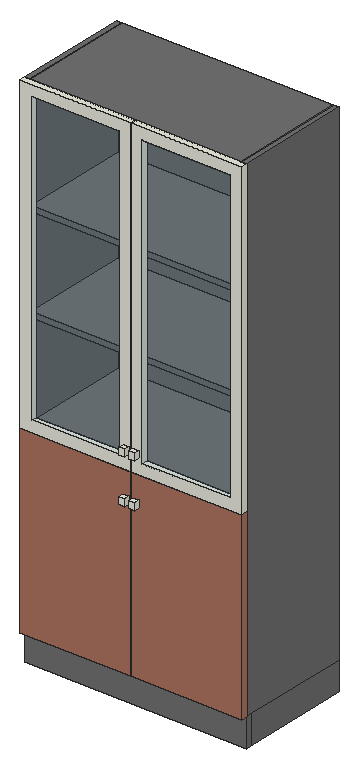
Revit family
Parameters
  하단도어 = Default wood 3
  프레임 = Default wood 4
  Width = 800 mm
  URL = ""
  Toe Kick Depth = 57.2 mm
  Model = ""
  Manufacturer = ""
  Height = 1890 mm
  Description = ""
  Depth = 415 mm
  Content Creator URL = "http://www.revitcity.com/profile.php?user_id=49309"
  Content Creator = "Tino \"Voron\""
  Assembly Code = ""
Reference planes
  plane 1 "Back": y = 0
  plane 2 "Center (Left/Right)": x = -105.759
  plane 3 "Left": x = -505.759
  plane 4 "Right": x = 294.241
  plane 5 "Front": y = -415
  plane 6 "Top of Casework": z = 1890
  plane 7 "Bottom Of Unit": z = 101.6
  plane 8: y = -19.05
  plane 9: x = -486.709
  plane 10: x = 275.191
  plane 11: z = 762.987
  plane 12: z = 1138.658
  plane 13: z = 1514.329
Forms (mm)
  Extrusion 1, solid, material "Default wood 4" <- "프레임"
    sketch origin (-505.759, 0, 0) x (0, -1, 0) y (0, 0, 1)
      loop
        line (0, 101.6) -> (415, 101.6) -> (415, 1890) -> (0, 1890) -> (0, 101.6)
    from -19.05 to 0
  Extrusion 2, solid, material "Default wood 4" <- "프레임"
    sketch origin (294.241, 0, 0) x (0, -1, 0) y (0, 0, 1)
      loop
        line (415, 1890) -> (0, 1890) -> (0, 101.6) -> (415, 101.6) -> (415, 1890)
    from 0 to 19.05
  Extrusion 3, solid, material "Default wood 4" <- "프레임"
    sketch origin (0, 0, 1890) x (0, -1, 0) y (1, 0, 0)
      loop
        line (0, -486.709) -> (415, -486.709) -> (415, 275.191) -> (0, 275.191) -> (0, -486.709)
    from -19.05 to 0
  Extrusion 4, solid, material "Default wood 4" <- "프레임"
    sketch origin (0, 0, 0) x (1, 0, 0) y (0, 0, 1)
      loop
        line (275.191, 1870.95) -> (-486.709, 1870.95) -> (-486.709, 0) -> (275.191, 0) -> (275.191, 1870.95)
    from 0 to 19.05
  Extrusion 5, solid, material "Default wood 2"
    sketch origin (-2.346, 0, -424.061) x (1, 0, 0) y (0, 1, 0)
      loop
        line (-484.363, -19.05) -> (-484.363, -415) -> (277.537, -415) -> (277.537, -19.05) -> (-484.363, -19.05)
    from 525.661 to 544.711
  Extrusion 6, solid, material "Default wood 4" <- "프레임"
    sketch origin (0, 0, 519.088) x (0, -1, 0) y (-1, 0, 0)
      loop
        line (19.05, 486.709) -> (19.05, -275.191) -> (415, -275.191) -> (415, 486.709) -> (19.05, 486.709)
    from -262.95 to -243.9
  Extrusion 7, solid, material "Default wood 4" <- "프레임"
    sketch origin (0, 0, 733.408) x (0, -1, 0) y (-1, 0, 0)
      loop
        line (19.05, 486.709) -> (19.05, -275.191) -> (415, -275.191) -> (415, 486.709) -> (19.05, 486.709)
    from -405.25 to -386.2
  Extrusion 8, solid, material "Default wood 4" <- "프레임"
    sketch origin (0, 0, 933.446) x (0, -1, 0) y (-1, 0, 0)
      loop
        line (19.05, 486.709) -> (19.05, -275.191) -> (415, -275.191) -> (415, 486.709) -> (19.05, 486.709)
    from -528.5 to -547.55
  Extrusion 9, solid, material "Default wood 4" <- "프레임"
    sketch origin (-505.759, 0, -857.25) x (0, -1, 0) y (0, 0, 1)
      loop
        line (0, 857.25) -> (395, 857.25) -> (395, 958.85) -> (0, 958.85) -> (0, 857.25)
    from -19.05 to 0
  Extrusion 10, solid, material "Default wood 4" <- "프레임"
    sketch origin (408.591, 0, -857.25) x (0, -1, 0) y (0, 0, 1)
      loop
        line (0, 857.25) -> (395, 857.25) -> (395, 958.85) -> (0, 958.85) -> (0, 857.25)
    from 114.35 to 133.4
  Extrusion 11, solid, material "Default wood 4" <- "프레임"
    sketch origin (-505.759, 17.15, 0) x (0, -1, 0) y (0, 0, 1)
      loop
        line (432.15, 101.6) -> (412.15, 101.6) -> (412.15, 0) -> (432.15, 0) -> (432.15, 101.6)
    from 0 to -800
  Extrusion 12, solid, material "Default wood 3" <- "하단도어"
    sketch origin (0, -435, 0) x (0, 0, -1) y (-1, 0, 0)
      loop
        line (-762.987, 505.759) -> (-762.987, 105.759) -> (-101.6, 105.759) -> (-101.6, 505.759) -> (-762.987, 505.759)
    from 0 to 20
  Extrusion 13, solid, material "플라스틱 백색"
    sketch origin (-389.264, -455, -424.264) x (0, 0, -1) y (-1, 0, 0)
      loop
        line (-1105.325, -255.492) -> (-1105.325, -275.191) -> (-1080.275, -275.191) -> (-1080.275, -255.492) -> (-1105.325, -255.492)
    from 0 to 20
  Extrusion 14, solid, material "Default wood 3" <- "하단도어"
    sketch origin (400, -435, 0) x (0, 0, -1) y (-1, 0, 0)
      loop
        line (-762.987, 505.759) -> (-762.987, 105.759) -> (-101.6, 105.759) -> (-101.6, 505.759) -> (-762.987, 505.759)
    from 0 to 20
  Extrusion 15, solid, material "플라스틱 백색"
    sketch origin (0, -435, 1227.013) x (0, 0, -1) y (-1, 0, 0)
      loop
        line (-662.987, 505.759) -> (-662.987, 105.759) -> (464.025, 105.759) -> (464.025, 505.759) -> (-662.987, 505.759)
      loop
        line (-622.987, 465.759) -> (-622.987, 145.759) -> (424.025, 145.759) -> (424.025, 465.759) -> (-622.987, 465.759)
    from 0 to 20
  Extrusion 16, solid, material "Glass"
    sketch origin (0, -635, 0) x (0, 0, -1) y (-1, 0, 0)
      loop
        line (-1850, 465.759) -> (-1850, 145.759) -> (-802.988, 145.759) -> (-802.988, 465.759) -> (-1850, 465.759)
    from 200 to 220
  Extrusion 17, solid, material "플라스틱 백색"
    sketch origin (-389.264, -455, -264.264) x (0, 0, -1) y (-1, 0, 0)
      loop
        line (-1105.325, -255.492) -> (-1105.325, -275.191) -> (-1080.275, -275.191) -> (-1080.275, -255.492) -> (-1105.325, -255.492)
    from 0 to 20
  Extrusion 18, solid, material "플라스틱 백색"
    sketch origin (-211.518, -435, 1227.013) x (0, 0, -1) y (-1, 0, 0)
      loop
        line (-662.987, -505.759) -> (464.025, -505.759) -> (464.025, -105.759) -> (-662.987, -105.759) -> (-662.987, -505.759)
      loop
        line (-622.987, -465.759) -> (424.025, -465.759) -> (424.025, -145.759) -> (-622.987, -145.759) -> (-622.987, -465.759)
    from 0 to 20
  Extrusion 19, solid, material "Glass"
    sketch origin (-211.518, -635, 0) x (0, 0, -1) y (-1, 0, 0)
      loop
        line (-1850, -465.759) -> (-802.988, -465.759) -> (-802.988, -145.759) -> (-1850, -145.759) -> (-1850, -465.759)
    from 200 to 220
  Extrusion 20, solid, material "플라스틱 백색"
    sketch origin (177.746, -455, -264.264) x (0, 0, -1) y (-1, 0, 0)
      loop
        line (-1105.325, 255.492) -> (-1080.275, 255.492) -> (-1080.275, 275.191) -> (-1105.325, 275.191) -> (-1105.325, 255.492)
    from 0 to 20
  Extrusion 21, solid, material "플라스틱 백색"
    sketch origin (177.746, -455, -424.264) x (0, 0, -1) y (-1, 0, 0)
      loop
        line (-1105.325, 255.492) -> (-1080.275, 255.492) -> (-1080.275, 275.191) -> (-1105.325, 275.191) -> (-1105.325, 255.492)
    from 0 to 20
Lines and regions (mm)
  symbolic lines
    curve 1: line (-505.759, 0, 0) -> (294.241, 0, 0)
    curve 2: line (-505.759, -415, 0) -> (-505.759, 0, 0)
    curve 3: line (294.241, -415, 0) -> (-505.759, -415, 0)
    curve 4: line (294.241, 0, 0) -> (294.241, -415, 0)
Dimensions and locks
  "Depth": plane 5 "Front" to plane 1 "Back"
  locked: Extrusion 5 to plane 7 "Bottom Of Unit" at 19.05
  locked: plane 1 "Back" to plane 8 at 19.05
  "Width": plane 3 "Left" to plane 4 "Right"
  equal spacing: plane 4 "Right", plane 2 "Center (Left/Right)", plane 3 "Left"
  locked: plane 7 "Bottom Of Unit" to level at 101.6
  locked: plane 3 "Left" to plane 9 at 19.05
  locked: plane 10 to plane 4 "Right" at 19.05
  Extrusion 11 to Extrusion 11 = 20 mm
  Extrusion 11 to Extrusion 2 = 101.6 mm
  Extrusion 11 to plane 5 "Front" = 0 mm
  "Height": plane 6 "Top of Casework" to level
  equal spacing: plane 6 "Top of Casework", plane 13, plane 12, plane 11
  aligned and locked: Extrusion 2 sketch curve to Extrusion 1
  aligned and locked: Extrusion 1 to Extrusion 2 sketch curve
  aligned and locked: Extrusion 4 sketch curve to Extrusion 2
  aligned and locked: Extrusion 4 sketch curve to Extrusion 3
  aligned and locked: Extrusion 1 to Extrusion 4 sketch curve
  aligned and locked: Extrusion 5 sketch curve to plane 5 "Front"
  aligned and locked: plane 5 "Front" to Extrusion 1 sketch curve
  aligned and locked: plane 5 "Front" to Extrusion 2 sketch curve
  aligned and locked: Extrusion 3 sketch curve to plane 5 "Front"
  aligned and locked: Extrusion 5 sketch curve to Extrusion 1
  aligned and locked: Extrusion 2 to Extrusion 5 sketch curve
  aligned and locked: Extrusion 3 sketch curve to Extrusion 1
  aligned and locked: Extrusion 3 sketch curve to Extrusion 2
  aligned and locked: Extrusion 6 sketch curve to Extrusion 5
  aligned and locked: Extrusion 7 sketch curve to Extrusion 5
  aligned and locked: Extrusion 8 sketch curve to Extrusion 5
  aligned and locked: Extrusion 1 to plane 7 "Bottom Of Unit"
  aligned and locked: Extrusion 2 to plane 7 "Bottom Of Unit"
  aligned and locked: Extrusion 1 to plane 3 "Left"
  aligned and locked: Extrusion 2 to plane 4 "Right"
  aligned and locked: plane 7 "Bottom Of Unit" to Extrusion 10
  aligned and locked: plane 10 to Extrusion 8
  aligned and locked: plane 10 to Extrusion 7
  aligned and locked: Extrusion 6 to plane 10
  aligned and locked: Extrusion 5 to plane 10
  aligned and locked: Extrusion 7 to plane 9
  aligned and locked: plane 9 to Extrusion 6
  aligned and locked: plane 9 to Extrusion 5
  aligned and locked: plane 3 "Left" to Extrusion 9
  aligned and locked: Extrusion 9 to plane 9
  aligned and locked: Extrusion 10 to plane 4 "Right"
  aligned and locked: plane 10 to Extrusion 10
  aligned and locked: plane 5 "Front" to Extrusion 5
Automatic sketch dimensions
  curve 3 to plane 3 "Left" = 0 mm
  curve 3 to plane 4 "Right" = 0 mm
  curve 3 to plane 5 "Front" = 0 mm
  curve 2 to plane 1 "Back" = 0 mm
  Extrusion 1 sketch curve to plane 1 "Back" = 0 mm
  Extrusion 1 sketch curve to plane 7 "Bottom Of Unit" = 0 mm
  Extrusion 1 sketch curve to plane 6 "Top of Casework" = 0 mm
  Extrusion 2 sketch curve to plane 7 "Bottom Of Unit" = 0 mm
  Extrusion 3 sketch curve to plane 1 "Back" = 0 mm
  Extrusion 4 sketch curve to level = 0 mm
  Extrusion 5 sketch curve to plane 8 = 0 mm
  Extrusion 6 sketch curve to plane 8 = 0 mm
  Extrusion 6 sketch curve to plane 5 "Front" = 0 mm
  Extrusion 6 sketch curve to plane 10 = 0 mm
  Extrusion 7 sketch curve to plane 8 = 0 mm
  Extrusion 7 sketch curve to plane 5 "Front" = 0 mm
  Extrusion 7 sketch curve to plane 10 = 0 mm
  Extrusion 8 sketch curve to plane 8 = 0 mm
  Extrusion 8 sketch curve to plane 5 "Front" = 0 mm
  Extrusion 8 sketch curve to plane 10 = 0 mm
  Extrusion 9 sketch curve to plane 1 "Back" = 0 mm
  Extrusion 9 sketch curve to plane 7 "Bottom Of Unit" = 0 mm
  Extrusion 9 sketch curve to level = 0 mm
  Extrusion 9 sketch curve to plane 5 "Front" = 20 mm
  Extrusion 10 sketch curve to plane 1 "Back" = 0 mm
  Extrusion 10 sketch curve to plane 7 "Bottom Of Unit" = 0 mm
  Extrusion 10 sketch curve to level = 0 mm
  Extrusion 10 sketch curve to plane 5 "Front" = 20 mm
  Extrusion 11 sketch curve to Extrusion 1 = 0 mm  (x2)
  Extrusion 11 sketch curve to Extrusion 1 = 20 mm
  Extrusion 1 to Extrusion 11 sketch curve = 101.6 mm
  Extrusion 12 sketch curve to plane 2 "Center (Left/Right)" = 0 mm
  Extrusion 12 sketch curve to plane 11 = 0 mm
  Extrusion 12 sketch curve to plane 3 "Left" = 0 mm
  Extrusion 12 sketch curve to plane 7 "Bottom Of Unit" = 0 mm
  Extrusion 13 sketch curve to plane 2 "Center (Left/Right)" = 8.314 mm
  Extrusion 13 sketch curve to plane 11 = 81.927 mm
  Extrusion 13 sketch curve to Extrusion 13 sketch curve = 25.05 mm
  Extrusion 13 sketch curve to Extrusion 13 sketch curve = 19.699 mm
  Extrusion 14 sketch curve to plane 4 "Right" = 0 mm
  Extrusion 14 sketch curve to plane 11 = 0 mm
  Extrusion 14 sketch curve to plane 2 "Center (Left/Right)" = 0 mm
  Extrusion 14 sketch curve to plane 7 "Bottom Of Unit" = 0 mm
  Extrusion 15 sketch curve to plane 2 "Center (Left/Right)" = 0 mm
  Extrusion 15 sketch curve to plane 6 "Top of Casework" = 0 mm
  Extrusion 15 sketch curve to plane 11 = 0 mm
  Extrusion 15 sketch curve to plane 3 "Left" = 0 mm
  plane 6 "Top of Casework" to Extrusion 15 sketch curve = 40 mm
  plane 11 to Extrusion 15 sketch curve = 40 mm
  Extrusion 15 sketch curve to plane 2 "Center (Left/Right)" = 40 mm
  Extrusion 15 sketch curve to plane 9 = 20.95 mm
  plane 6 "Top of Casework" to Extrusion 16 sketch curve = 40 mm
  plane 11 to Extrusion 16 sketch curve = 40 mm
  Extrusion 16 sketch curve to plane 2 "Center (Left/Right)" = 40 mm
  Extrusion 16 sketch curve to plane 9 = 20.95 mm
  Extrusion 17 sketch curve to plane 2 "Center (Left/Right)" = 8.314 mm
  plane 11 to Extrusion 17 sketch curve = 78.073 mm
  Extrusion 17 sketch curve to Extrusion 17 sketch curve = 25.05 mm
  Extrusion 17 sketch curve to Extrusion 17 sketch curve = 19.699 mm
  Extrusion 18 sketch curve to plane 2 "Center (Left/Right)" = 0 mm
  Extrusion 18 sketch curve to plane 6 "Top of Casework" = 0 mm
  Extrusion 18 sketch curve to plane 11 = 0 mm
  Extrusion 18 sketch curve to plane 4 "Right" = 0 mm
  plane 6 "Top of Casework" to Extrusion 18 sketch curve = 40 mm
  plane 11 to Extrusion 18 sketch curve = 40 mm
  plane 10 to Extrusion 18 sketch curve = 20.95 mm
  plane 2 "Center (Left/Right)" to Extrusion 18 sketch curve = 40 mm
  plane 6 "Top of Casework" to Extrusion 19 sketch curve = 40 mm
  plane 11 to Extrusion 19 sketch curve = 40 mm
  plane 10 to Extrusion 19 sketch curve = 20.95 mm
  plane 2 "Center (Left/Right)" to Extrusion 19 sketch curve = 40 mm
  plane 2 "Center (Left/Right)" to Extrusion 20 sketch curve = 8.314 mm
  plane 11 to Extrusion 20 sketch curve = 78.073 mm
  Extrusion 20 sketch curve to Extrusion 20 sketch curve = 25.05 mm
  Extrusion 20 sketch curve to Extrusion 20 sketch curve = 19.699 mm
  plane 2 "Center (Left/Right)" to Extrusion 21 sketch curve = 8.314 mm
  Extrusion 21 sketch curve to plane 11 = 81.927 mm
  Extrusion 21 sketch curve to Extrusion 21 sketch curve = 25.05 mm
  Extrusion 21 sketch curve to Extrusion 21 sketch curve = 19.699 mm
